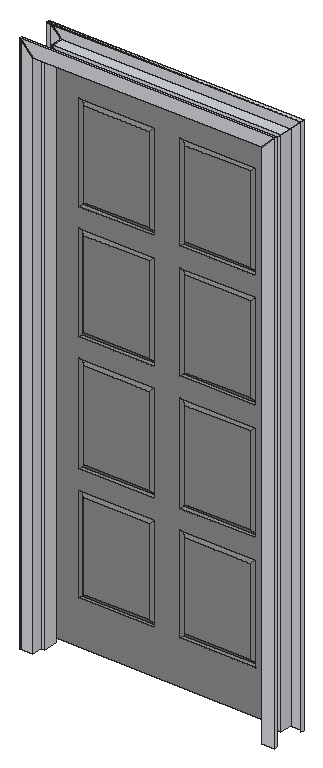
Revit family "Ext-Embossed-Door-MDMF-8-Panel-36 x 84", category Doors, host Wall, Revit 2014
Parameters (values of type "Ext-E-MDMF-8-Panel-36" x 84"")
  Width = Door Panel Width  # 3' - 0"
  Wall Thickness [instance] = 0' - 5 3/4"
  URL = ""
  Type Comments = "EXT,"
  Thickness = 0' - 1 3/4"
  Swing Angle [instance] = 90.00°
  SDI RO Spacing = 0' - 0"
  SDI Panel 1 Width = Leaf Width + 0' 0 3/16"  # 3' - 0"
  SDI No Panels = ""
  SDI HW Set [instance] = ""
  SDI HW Item LO-2 [instance] = ""
  SDI HW Item LO-1 [instance] = ""
  SDI HW Item KP-2 [instance] = ""
  SDI HW Item KP-1 [instance] = ""
  SDI HW Item HI-2 [instance] = ""
  SDI HW Item HI-1 [instance] = ""
  SDI HW Item HC-2 [instance] = ""
  SDI HW Item HC-1 [instance] = ""
  SDI HW Item ED-2 [instance] = ""
  SDI HW Item ED-1 [instance] = ""
  SDI HW Item DO-2 [instance] = ""
  SDI HW Item DO-1 [instance] = ""
  SDI HW Item CL-2 [instance] = ""
  SDI HW Item CL-1 [instance] = ""
  SDI Glass Material = Glass
  SDI Frame Type = "3 Piece"
  SDI Frame Material Type = "Hollow Metal"
  SDI Frame Material = Paint - Generic - Prime
  SDI Frame Manufacturer = ""
  SDI Frame Jamb Width = 0' - 2"
  SDI Frame Head Width = 0' - 2"
  SDI Frame Finish Type = "Painted"
  SDI Frame Finish Color = "Prime"
  SDI Frame Depth [instance] = 0' - 5 3/4"
  SDI Family Version = "1.0"
  SDI Door Top Rail Width = 0' - 7 3/4"
  SDI Door Stile Width = 0' - 6"
  SDI Door Panel Type = "N"
  SDI Door Material Type = "Hollow Metal"
  SDI Door Material = Paint - Generic - Prime
  SDI Door Manufacturer = ""
  SDI Door Glass Type = "1/4\" Tempered"
  SDI Door Finish Type = "Painted"
  SDI Door Finish Color = "Prime"
  SDI Door Configuration = "SG"
  SDI Door Bottom Rail Width = 5' - 0"
  SDI Arch Frame Type [instance] = ""
  SDI Arch Frame Material Type [instance] = "HM"
  SDI Arch Door Panel Type [instance] = "N"
  SDI Arch Door Material Type [instance] = "HM"
  Rough Width = Frame Width - 0' 0" + 2 * SDI RO Spacing  # 3' - 4"
  Rough Height = Frame Height - 0' 0" + SDI RO Spacing  # 7' - 2"
  R1 Height = 7' - 0"
  P1 Width = 3' - 2"
  Model = "Ext-E-MDMF-8-Panel-36\" x 84\""
  Manufacturer = ""
  Leaf Width = P1 Width - 0' 2 3/16"  # 2' - 11 13/16"
  Height = Door Panel Height  # 7' - 0"
  Glass Offset [instance] = 0' 2 1/16" + (SDI Frame Depth - 0' 5 3/4") / 2  # 0' - 2 1/16"
  Function = Exterior
  Frame Width = P1 Width + 0' 2"  # 3' - 4"
  Frame Offset [instance] = if(Aligned Exterior, SDI Frame Depth / 2, if(Aligned Center, Wall Thickness / 2, if(Aligned Interior, Wall Thickness - SDI Frame Depth + SDI Frame Depth / 2, Aligned Other)))  # 0' - 2 7/8"
  Frame Height = R1 Height + 0' 2"  # 7' - 2"
  Fire Rating = ""
  Exterior Glazing [instance] = no
  Door Panel Width = P1 Width - 0' 2"  # 3' - 0"
  Door Panel Height = R1 Height + 0' 2" - (0' 2")  # 7' - 0"
  Door Offset [instance] = 0' 2 13/16" + (SDI Frame Depth - 0' 5 3/4") / 2  # 0' - 2 13/16"
  Description = "Hollow Metal Door with Hollow Metal Frame 8 Panel"
  Cost = 0
  Assembly Code = "B2030120"
  Analytic Construction = "<None>"
  Aligned Other [instance] = 0' - 0"
  Aligned Interior [instance] = no
  Aligned Exterior [instance] = yes
  Aligned Center [instance] = no
  ADA Clearance Lines = no
Reference planes (in)
  plane 1: y = 0
  plane 2 "Center (Left/Right)": x = 0
  plane 3 "Wall Edge": y = 2.875
  plane 4 "Wall Interior": y = -2.875
  plane 5 "ModelRefLevel": z = 0
  plane 6 "FrameDepthPlane": y = 0
  plane 7 "FrameFront": y = 2.875
  plane 8 "FrameBack": y = -2.875
  plane 9 "V0": x = 19
  plane 10 "V1": x = -19
  plane 11 "H0": z = 1
  plane 12 "H1": z = 85
  plane 13 "DoorLeft": x = 18
  plane 14 "DoorRight": x = -18
  plane 15 "DoorCenter": x = 0
  plane 16 "DoorTop": z = 83.875
  plane 17 "DoorCenterTB": z = 41.9375
  plane 18 "DoorExtFace": y = 2.8125
  plane 19 "DoorGlassFace": y = 2.0625
  plane 20 "LockCenterLine": z = 32.5625
  plane 21 "DoorExtFace1": y = 2.0625
  plane 22 "GlassRight1": x = -11.90625
  plane 23 "ActDoorLeft": x = 17.90625
  plane 24 "SwingClrPlane": y = 62.875
  plane 25 "SwingPartialPlane": y = 50.875
  plane 26: x = -7.90625
  plane 27: x = -11.90625
  plane 28: z = 76.125
  plane 29: z = 51.125
  plane 30: z = 78
  plane 31: z = 39
  plane 32: x = 13.90625
  plane 33: x = -13.90625
  plane 34: x = 2
  plane 35: x = -2
  plane 36: z = 7.5
  plane 37: z = 59.725
  plane 38: z = 41.35
  plane 39: z = 22.725
  plane 40: z = 62.725
  plane 41: z = 44.35
  plane 42: z = 25.725
  plane 43: z = 60.375
  plane 44: z = 42.75
  plane 45: z = 25.125
Forms (in)
  Extrusion 1, solid
    sketch origin (138.6875, 0, 43) x (-1, 0, 0) y (0, -1, 0)
      loop
        line (118.6875, -2.375) -> (118.6875, -2.875) -> (120.6875, -2.875) -> (120.6875, -0.9375) -> (121.3125, -0.9375) -> (121.3125, 1.3125) -> (120.6875, 1.3125) -> (120.6875, 2.875) -> (118.6875, 2.875) -> (118.6875, 2.4375) -> (118.75, 2.4375) -> (118.75, 2.8125) -> (120.625, 2.8125) -> (120.625, 1.25) -> (121.25, 1.25) -> (121.25, -0.875) -> (120.625, -0.875) -> (120.625, -2.8125) -> (118.75, -2.8125) -> (118.75, -2.375) -> (118.6875, -2.375)
    from -43 to 43
  Extrusion 2, void
    sketch origin (0, 2.875, 0) x (1, 0, 0) y (0, 0, 1)
      loop
        line (20, 86) -> (17.375, 86) -> (17.375, 83.375) -> (20, 86)
    from -12 to 12
  Extrusion 3, solid
    sketch origin (101.3125, 0, 43) x (-1, 0, 0) y (0, -1, 0)
      loop
        line (121.25, -2.375) -> (121.25, -2.8125) -> (119.375, -2.8125) -> (119.375, -0.875) -> (118.75, -0.875) -> (118.75, 1.25) -> (119.375, 1.25) -> (119.375, 2.8125) -> (121.25, 2.8125) -> (121.25, 2.4375) -> (121.3125, 2.4375) -> (121.3125, 2.875) -> (119.3125, 2.875) -> (119.3125, 1.3125) -> (118.6875, 1.3125) -> (118.6875, -0.9375) -> (119.3125, -0.9375) -> (119.3125, -2.875) -> (121.3125, -2.875) -> (121.3125, -2.375) -> (121.25, -2.375)
    from -43 to 43
  Extrusion 4, void
    sketch origin (0, 2.875, 0) x (1, 0, 0) y (0, 0, 1)
      loop
        line (-20, 86) -> (-17.375, 83.375) -> (-17.375, 86) -> (-20, 86)
    from -12 to 12
  Extrusion 5, solid
    sketch origin (0, 0, 84.6875) x (0, 1, 0) y (0, 0, 1)
      loop
        line (2.375, 1.25) -> (2.8125, 1.25) -> (2.8125, -0.625) -> (0.875, -0.625) -> (0.875, -1.25) -> (-1.25, -1.25) -> (-1.25, -0.625) -> (-2.8125, -0.625) -> (-2.8125, 1.25) -> (-2.4375, 1.25) -> (-2.4375, 1.3125) -> (-2.875, 1.3125) -> (-2.875, -0.6875) -> (-1.3125, -0.6875) -> (-1.3125, -1.3125) -> (0.9375, -1.3125) -> (0.9375, -0.6875) -> (2.875, -0.6875) -> (2.875, 1.3125) -> (2.375, 1.3125) -> (2.375, 1.25)
    from -20 to 20
  Extrusion 6, void
    sketch origin (0, 2.875, 0) x (1, 0, 0) y (0, 0, 1)
      loop
        line (-20, 86) -> (-20, 83.375) -> (-17.375, 83.375) -> (-20, 86)
    from -12 to 12
  Extrusion 7, void
    sketch origin (0, 2.875, 0) x (1, 0, 0) y (0, 0, 1)
      loop
        line (20, 86) -> (17.375, 83.375) -> (20, 83.375) -> (20, 86)
    from -12 to 12
  Extrusion 8, solid, material "Paint - Generic - Prime" <- "SDI Door Material"
    sketch origin (-60, 2.8125, -12) x (1, 0, 0) y (0, 0, 1)
      loop
        line (77.90625, 12.625) -> (77.90625, 95.875) -> (42.09375, 95.875) -> (42.09375, 12.625) -> (77.90625, 12.625)
    from 0 to 1.75
  Sweep 9, void
    path origin (0, 2.875, 0) x (1, 0, 0) y (0, 0, 1)
      loop
        line (13.90625, 59.725) -> (2, 59.725) -> (2, 44.35) -> (13.90625, 44.35) -> (13.90625, 59.725)
    profile origin (13.90625, 2.875, 52.0375) x (0, -1, 0) y (1, 0, 0)
      loop
        line (0, 0) -> (0, -0.92134) -> (0.5, -0.23315) -> (0, 0)
      loop
        line (1.875, 0) -> (1.375, -0.23315) -> (1.875, -0.92134) -> (1.875, 0)
  Sweep 10, void
    path origin (0, 2.875, 0) x (1, 0, 0) y (0, 0, 1)
      loop
        line (13.90625, 22.725) -> (2, 22.725) -> (2, 7.5) -> (13.90625, 7.5) -> (13.90625, 22.725)
    profile origin (13.90625, 2.875, 15.1125) x (0, -1, 0) y (1, 0, 0)
      loop
        line (0, 0) -> (0, -0.92134) -> (0.5, -0.23315) -> (0, 0)
      loop
        line (1.875, 0) -> (1.375, -0.23315) -> (1.875, -0.92134) -> (1.875, 0)
  Sweep 11, void
    path origin (0, 2.875, 0) x (1, 0, 0) y (0, 0, 1)
      loop
        line (-2, 59.725) -> (-13.90625, 59.725) -> (-13.90625, 44.35) -> (-2, 44.35) -> (-2, 59.725)
    profile origin (-2, 2.875, 52.0375) x (0, -1, 0) y (1, 0, 0)
      loop
        line (0.0625, -0.80529) -> (0.5, -0.20312) -> (0.0625, -0.00088) -> (0.0625, -0.80529)
      loop
        line (1.8143, -0.80529) -> (1.8143, -0.00088) -> (1.3768, -0.20312) -> (1.8143, -0.80529)
  Sweep 12, void
    path origin (0, 2.875, 0) x (1, 0, 0) y (0, 0, 1)
      loop
        line (-2, 22.725) -> (-13.90625, 22.725) -> (-13.90625, 7.5) -> (-2, 7.5) -> (-2, 22.725)
    profile origin (-2, 2.875, 15.1125) x (0, -1, 0) y (1, 0, 0)
      loop
        line (0.0625, -0.00088) -> (0.0625, -0.80529) -> (0.5, -0.20312) -> (0.0625, -0.00088)
      loop
        line (1.8143, -0.00088) -> (1.3768, -0.20312) -> (1.8143, -0.80529) -> (1.8143, -0.00088)
  Sweep 13, void
    path origin (0, 2.875, 0) x (1, 0, 0) y (0, 0, 1)
      loop
        line (13.90625, 41.35) -> (2, 41.35) -> (2, 25.725) -> (13.90625, 25.725) -> (13.90625, 41.35)
    profile origin (13.90625, 2.875, 33.5375) x (0, -1, 0) y (1, 0, 0)
      loop
        line (0.0625, -0.02914) -> (0.0625, -0.83532) -> (0.5, -0.23315) -> (0.0625, -0.02914)
      loop
        line (1.8125, -0.02914) -> (1.375, -0.23315) -> (1.8125, -0.83532) -> (1.8125, -0.02914)
  Sweep 14, void
    path origin (0, 2.875, 0) x (1, 0, 0) y (0, 0, 1)
      loop
        line (-2, 41.35) -> (-13.90625, 41.35) -> (-13.90625, 25.725) -> (-2, 25.725) -> (-2, 41.35)
    profile origin (-2, 2.875, 33.5375) x (0, -1, 0) y (1, 0, 0)
      loop
        line (0.5, -0.20313) -> (0.0625, -0.00088) -> (0.0625, -0.80529) -> (0.5, -0.20313)
      loop
        line (1.8125, -0.80529) -> (1.8125, -0.00172) -> (1.37545, -0.20375) -> (1.8125, -0.80529)
  Sweep 15, void
    path origin (0, 2.875, 0) x (1, 0, 0) y (0, 0, 1)
      loop
        line (13.90625, 78) -> (2, 78) -> (2, 62.725) -> (13.90625, 62.725) -> (13.90625, 78)
    profile origin (13.90625, 2.875, 70.3625) x (0, -1, 0) y (1, 0, 0)
      loop
        line (0.5, -0.23315) -> (0.0625, -0.02914) -> (0.0625, -0.83532) -> (0.5, -0.23315)
      loop
        line (1.375, -0.23315) -> (1.8125, -0.83532) -> (1.8125, -0.02914) -> (1.375, -0.23315)
  Sweep 16, void
    path origin (0, 2.875, 0) x (1, 0, 0) y (0, 0, 1)
      loop
        line (-2, 78) -> (-13.90625, 78) -> (-13.90625, 62.725) -> (-2, 62.725) -> (-2, 78)
    profile origin (-2, 2.875, 70.3625) x (0, -1, 0) y (1, 0, 0)
      loop
        line (0.5, -0.20313) -> (0.0625, -0.00088) -> (0.0625, -0.80529) -> (0.5, -0.20313)
      loop
        line (1.37545, -0.20375) -> (1.8125, -0.80529) -> (1.8125, -0.00172) -> (1.37545, -0.20375)
Cuts and joins
  Extrusion 2 cuts Extrusion 1
  Extrusion 4 cuts Extrusion 3
  Extrusion 6, Extrusion 7 cuts Extrusion 5
  Sweep 9, Sweep 10, Sweep 11, Sweep 12, Sweep 13, Sweep 14, Sweep 15, Sweep 16 cuts Extrusion 8
Lines and regions (in)
  Opening 1
    outline origin (-60, -2.875, 0) x (1, 0, 0) y (0, 0, 1)
      loop
        line (80, 0) -> (80, 86) -> (40, 86) -> (40, 0) -> (80, 0)
  symbolic lines, style "DoorsFrameMullionProjection", detail levels fine
    curve 1: line (20, 2.375, 0) -> (20, 2.875, 0)
    curve 2: line (20, 2.875, 0) -> (18, 2.875, 0)
    curve 3: line (18, 2.875, 0) -> (18, 0.9375, 0)
    curve 4: line (18, 0.9375, 0) -> (17.375, 0.9375, 0)
    curve 5: line (17.375, 0.9375, 0) -> (17.375, -1.3125, 0)
    curve 6: line (17.375, -1.3125, 0) -> (18, -1.3125, 0)
    curve 7: line (18, -1.3125, 0) -> (18, -2.875, 0)
    curve 8: line (18, -2.875, 0) -> (20, -2.875, 0)
    curve 9: line (20, -2.875, 0) -> (20, -2.4375, 0)
    curve 10: line (20, -2.4375, 0) -> (19.9375, -2.4375, 0)
    curve 11: line (19.9375, -2.4375, 0) -> (19.9375, -2.8125, 0)
    curve 12: line (19.9375, -2.8125, 0) -> (18.0625, -2.8125, 0)
    curve 13: line (18.0625, -2.8125, 0) -> (18.0625, -1.25, 0)
    curve 14: line (18.0625, -1.25, 0) -> (17.4375, -1.25, 0)
    curve 15: line (17.4375, -1.25, 0) -> (17.4375, 0.875, 0)
    curve 16: line (17.4375, 0.875, 0) -> (18.0625, 0.875, 0)
    curve 17: line (18.0625, 0.875, 0) -> (18.0625, 2.8125, 0)
    curve 18: line (18.0625, 2.8125, 0) -> (19.9375, 2.8125, 0)
    curve 19: line (19.9375, 2.8125, 0) -> (19.9375, 2.375, 0)
    curve 20: line (19.9375, 2.375, 0) -> (20, 2.375, 0)
    curve 25: line (-19.9375, 2.375, 0) -> (-19.9375, 2.8125, 0)
    curve 26: line (-19.9375, 2.8125, 0) -> (-18.0625, 2.8125, 0)
    curve 27: line (-18.0625, 2.8125, 0) -> (-18.0625, 0.875, 0)
    curve 28: line (-18.0625, 0.875, 0) -> (-17.4375, 0.875, 0)
    curve 29: line (-17.4375, 0.875, 0) -> (-17.4375, -1.25, 0)
    curve 30: line (-17.4375, -1.25, 0) -> (-18.0625, -1.25, 0)
    curve 31: line (-18.0625, -1.25, 0) -> (-18.0625, -2.8125, 0)
    curve 32: line (-18.0625, -2.8125, 0) -> (-19.9375, -2.8125, 0)
    curve 33: line (-19.9375, -2.8125, 0) -> (-19.9375, -2.4375, 0)
    curve 34: line (-19.9375, -2.4375, 0) -> (-20, -2.4375, 0)
    curve 35: line (-20, -2.4375, 0) -> (-20, -2.875, 0)
    curve 36: line (-20, -2.875, 0) -> (-18, -2.875, 0)
    curve 37: line (-18, -2.875, 0) -> (-18, -1.3125, 0)
    curve 38: line (-18, -1.3125, 0) -> (-17.375, -1.3125, 0)
    curve 39: line (-17.375, -1.3125, 0) -> (-17.375, 0.9375, 0)
    curve 40: line (-17.375, 0.9375, 0) -> (-18, 0.9375, 0)
    curve 41: line (-18, 0.9375, 0) -> (-18, 2.875, 0)
    curve 42: line (-18, 2.875, 0) -> (-20, 2.875, 0)
    curve 43: line (-20, 2.875, 0) -> (-20, 2.375, 0)
    curve 44: line (-20, 2.375, 0) -> (-19.9375, 2.375, 0)
  symbolic lines, style "DoorsFrameMullionProjection", detail levels coarse+medium
    curve 21: line (18, -2.875, 0) -> (20, -2.875, 0)
    curve 22: line (18, 2.875, 0) -> (20, 2.875, 0)
    curve 23: line (18, -2.875, 0) -> (18, 2.875, 0)
    curve 24: line (20, -2.875, 0) -> (20, 2.875, 0)
    curve 45: line (-20, -2.875, 0) -> (-18, -2.875, 0)
    curve 46: line (-20, 2.875, 0) -> (-18, 2.875, 0)
    curve 47: line (-20, -2.875, 0) -> (-20, 2.875, 0)
    curve 48: line (-18, -2.875, 0) -> (-18, 2.875, 0)
  symbolic lines, style "Elevation Swing"
    curve 49: line (-17.90625, 2.875, 83.875) -> (17.90625, 2.875, 41.9375)
    curve 50: line (-17.90625, 2.875, 0) -> (17.90625, 2.875, 41.9375)
  symbolic lines, style "ADA Clearance", visible <- "ADA Clearance Lines"
    curve 51: line (20, 2.875, 0) -> (20, 62.875, 0)
    curve 52: line (-36, 62.875, 0) -> (20, 62.875, 0)
    curve 53: line (-36, 50.875, 0) -> (20, 50.875, 0)
    curve 54: line (-36, 2.875, 0) -> (-36, 62.875, 0)
    curve 55: line (20, -2.875, 0) -> (20, -50.875, 0)
    curve 56: line (-30, -50.875, 0) -> (20, -50.875, 0)
    curve 57: line (-30, -2.875, 0) -> (-30, -50.875, 0)
Text (in)
  text "Placement Side" at (0, 40.15149, 123.01588), in view "Right"
  text "Placement Side" at (-70.3804, 28.46503, 0), in view "Ref. Level"
  text "Placement Side" at (0, 81.62555, 140.59947), in view "Left"
Dimensions and locks (in)
  locked: plane 3 "Wall Edge" to host wall
  equal spacing: host wall, plane 2 "Center (Left/Right)", host wall
  "Rough Width": host wall to host wall
  "Rough Height": level to host wall
  equal spacing: plane 3 "Wall Edge", plane 1, plane 4 "Wall Interior"
  "Wall Thickness": host wall to host wall
  "Frame Offset": plane 3 "Wall Edge" to plane 6 "FrameDepthPlane"
  equal spacing: plane 7 "FrameFront", plane 6 "FrameDepthPlane", plane 8 "FrameBack"
  "SDI Frame Depth": plane 7 "FrameFront" to plane 8 "FrameBack"
  equal spacing: plane 9 "V0", plane 2 "Center (Left/Right)", plane 10 "V1"
  "P1 Width": plane 9 "V0" to plane 10 "V1"
  "R1 Height": plane 11 "H0" to plane 12 "H1"
  locked: plane 12 "H1" to Extrusion 1 at 1
  locked: plane 11 "H0" to Extrusion 1 at 1
  locked: plane 9 "V0" to Extrusion 1 at 1  (x4)
  locked: plane 9 "V0" to Extrusion 1 at 0.9375  (x5)
  locked: plane 9 "V0" to Extrusion 1 at 1.5625
  locked: plane 9 "V0" to Extrusion 1 at 1.625
  locked: plane 12 "H1" to Extrusion 3 at 1
  locked: plane 11 "H0" to Extrusion 3 at 1
  locked: plane 10 "V1" to Extrusion 3 at 0.9375  (x4)
  locked: plane 10 "V1" to Extrusion 3 at 1  (x5)
  locked: plane 10 "V1" to Extrusion 3 at 1.625
  locked: plane 10 "V1" to Extrusion 3 at 1.5625
  locked: plane 9 "V0" to Extrusion 5 at 1
  locked: plane 10 "V1" to Extrusion 5 at 1
  locked: plane 12 "H1" to Extrusion 5 at 0.9375  (x5)
  locked: plane 12 "H1" to Extrusion 5 at 1.5625
  locked: plane 12 "H1" to Extrusion 5 at 1  (x4)
  locked: plane 12 "H1" to Extrusion 5 at 1.625
  locked: plane 7 "FrameFront" to cut or joined group of Extrusion 1, Extrusion 2 at 1.9375
  locked: plane 7 "FrameFront" to cut or joined group of Extrusion 1, Extrusion 2 at 2
  locked: plane 7 "FrameFront" to cut or joined group of Extrusion 1, Extrusion 2 at 0.0625
  locked: plane 7 "FrameFront" to cut or joined group of Extrusion 1, Extrusion 2 at 0.5
  locked: plane 8 "FrameBack" to cut or joined group of Extrusion 1, Extrusion 2 at 1.5625
  locked: plane 8 "FrameBack" to cut or joined group of Extrusion 1, Extrusion 2 at 0.4375
  locked: plane 8 "FrameBack" to cut or joined group of Extrusion 1, Extrusion 2 at 0.0625
  locked: plane 8 "FrameBack" to cut or joined group of Extrusion 1, Extrusion 2 at 1.625
  locked: plane 7 "FrameFront" to cut or joined group of Extrusion 3, Extrusion 4 at 0.0625
  locked: plane 7 "FrameFront" to cut or joined group of Extrusion 3, Extrusion 4 at 2
  locked: plane 7 "FrameFront" to cut or joined group of Extrusion 3, Extrusion 4 at 1.9375
  locked: plane 7 "FrameFront" to cut or joined group of Extrusion 3, Extrusion 4 at 0.5
  locked: plane 8 "FrameBack" to cut or joined group of Extrusion 3, Extrusion 4 at 1.625
  locked: plane 8 "FrameBack" to cut or joined group of Extrusion 3, Extrusion 4 at 0.0625
  locked: plane 8 "FrameBack" to cut or joined group of Extrusion 3, Extrusion 4 at 0.4375
  locked: plane 8 "FrameBack" to cut or joined group of Extrusion 3, Extrusion 4 at 1.5625
  locked: plane 7 "FrameFront" to cut or joined group of Extrusion 5, Extrusion 6, Extrusion 7 at 0.0625
  locked: plane 7 "FrameFront" to cut or joined group of Extrusion 5, Extrusion 6, Extrusion 7 at 2
  locked: plane 7 "FrameFront" to cut or joined group of Extrusion 5, Extrusion 6, Extrusion 7 at 1.9375
  locked: plane 7 "FrameFront" to cut or joined group of Extrusion 5, Extrusion 6, Extrusion 7 at 0.5
  locked: plane 8 "FrameBack" to cut or joined group of Extrusion 5, Extrusion 6, Extrusion 7 at 1.625
  locked: plane 8 "FrameBack" to cut or joined group of Extrusion 5, Extrusion 6, Extrusion 7 at 0.0625
  locked: plane 8 "FrameBack" to cut or joined group of Extrusion 5, Extrusion 6, Extrusion 7 at 0.4375
  locked: plane 8 "FrameBack" to cut or joined group of Extrusion 5, Extrusion 6, Extrusion 7 at 1.5625
  locked: plane 7 "FrameFront" to curve 4 at 1.9375
  locked: plane 7 "FrameFront" to curve 16 at 2
  locked: plane 7 "FrameFront" to curve 18 at 0.0625
  locked: plane 7 "FrameFront" to curve 20 at 0.5
  locked: plane 7 "FrameFront" to curve 26 at 0.0625
  locked: plane 7 "FrameFront" to curve 28 at 2
  locked: plane 7 "FrameFront" to curve 40 at 1.9375
  locked: plane 7 "FrameFront" to curve 44 at 0.5
  locked: plane 8 "FrameBack" to curve 6 at 1.5625
  locked: plane 8 "FrameBack" to curve 10 at 0.4375
  locked: plane 8 "FrameBack" to curve 12 at 0.0625
  locked: plane 8 "FrameBack" to curve 14 at 1.625
  locked: plane 8 "FrameBack" to curve 30 at 1.625
  locked: plane 8 "FrameBack" to curve 32 at 0.0625
  locked: plane 8 "FrameBack" to curve 34 at 0.4375
  locked: plane 8 "FrameBack" to curve 38 at 1.5625
  locked: plane 9 "V0" to plane 13 "DoorLeft" at 1
  locked: plane 10 "V1" to plane 14 "DoorRight" at 1
  locked: plane 12 "H1" to plane 16 "DoorTop" at 1.125
  equal spacing: plane 16 "DoorTop", plane 17 "DoorCenterTB", plane 5 "ModelRefLevel"
  "Door Offset": plane 6 "FrameDepthPlane" to plane 18 "DoorExtFace"
  "Glass Offset": plane 6 "FrameDepthPlane" to plane 19 "DoorGlassFace"
  plane 20 "LockCenterLine" to plane 5 "ModelRefLevel" = 2' - 8 9/16"
  locked: Extrusion 8 to Extrusion 8 at 1.75
  locked: plane 6 "FrameDepthPlane" to plane 21 "DoorExtFace1" at 2.0625
  locked: plane 14 "DoorRight" to plane 22 "GlassRight1" at 6.09375
  locked: plane 13 "DoorLeft" to Extrusion 8 at 0.09375
  locked: plane 14 "DoorRight" to Extrusion 8 at 0.09375
  locked: plane 5 "ModelRefLevel" to Extrusion 8 at 0.625
  locked: plane 13 "DoorLeft" to plane 23 "ActDoorLeft" at 0.09375
  locked: plane 3 "Wall Edge" to plane 24 "SwingClrPlane" at 60
  locked: plane 3 "Wall Edge" to plane 25 "SwingPartialPlane" at 48
  locked: plane 27 to plane 14 "DoorRight" at 6.09375
  plane 26 to plane 27 = 0' - 4"
  locked: plane 29 to plane 28 at 25
  locked: plane 28 to plane 12 "H1" at 8.875
  locked: plane 30 to plane 12 "H1" at 7
  locked: plane 23 "ActDoorLeft" to plane 32 at 4
  locked: plane 33 to plane 14 "DoorRight" at 4.09375
  locked: plane 15 "DoorCenter" to plane 34 at 2
  locked: plane 15 "DoorCenter" to plane 35 at 2
  locked: plane 11 "H0" to plane 36 at 6.5
  locked: plane 37 to plane 40 at 3
  locked: plane 38 to plane 41 at 3
  locked: plane 39 to plane 42 at 3
  equal spacing: plane 36, plane 45, plane 44, plane 43, plane 30
  locked: plane 37 to plane 43 at 0.65
  locked: plane 38 to plane 44 at 1.4
  locked: plane 39 to plane 45 at 2.4
  aligned and locked: plane 4 "Wall Interior" to host wall
  aligned and locked: cut or joined group of Extrusion 1, Extrusion 2 to plane 7 "FrameFront"
  aligned and locked: plane 8 "FrameBack" to cut or joined group of Extrusion 1, Extrusion 2
  aligned and locked: cut or joined group of Extrusion 3, Extrusion 4 to plane 7 "FrameFront"
  aligned and locked: plane 8 "FrameBack" to cut or joined group of Extrusion 3, Extrusion 4
  aligned and locked: cut or joined group of Extrusion 5, Extrusion 6, Extrusion 7 to plane 7 "FrameFront"
  aligned and locked: plane 8 "FrameBack" to cut or joined group of Extrusion 5, Extrusion 6, Extrusion 7
  aligned and locked: curve 2 to plane 7 "FrameFront"
  aligned and locked: plane 7 "FrameFront" to curve 22
  aligned and locked: curve 42 to plane 7 "FrameFront"
  aligned and locked: plane 7 "FrameFront" to curve 46
  aligned and locked: plane 8 "FrameBack" to curve 8
  aligned and locked: plane 8 "FrameBack" to curve 36
  aligned and locked: Extrusion 8 to plane 18 "DoorExtFace"
  aligned and locked: Extrusion 8 to plane 16 "DoorTop"
  aligned and locked: plane 7 "FrameFront" to nested 1
  aligned and locked: plane 23 "ActDoorLeft" to nested 1
  aligned and locked: plane 24 "SwingClrPlane" to curve 52
  aligned and locked: plane 25 "SwingPartialPlane" to curve 53
  aligned and locked: Sweep 9 sketch curve to plane 32
  aligned and locked: Sweep 10 sketch curve to plane 32
  aligned and locked: Sweep 9 sketch curve to plane 34
  aligned and locked: Sweep 10 sketch curve to plane 34
  aligned and locked: plane 35 to Sweep 11 sketch curve
  aligned and locked: plane 33 to Sweep 11 sketch curve
  aligned and locked: plane 35 to Sweep 12 sketch curve
  aligned and locked: plane 33 to Sweep 12 sketch curve
  aligned and locked: plane 32 to Sweep 13 sketch curve
  aligned and locked: plane 34 to Sweep 13 sketch curve
  aligned and locked: plane 35 to Sweep 14 sketch curve
  aligned and locked: plane 33 to Sweep 14 sketch curve
  aligned and locked: Sweep 10 sketch curve to plane 39
  aligned and locked: Sweep 12 sketch curve to plane 39
  aligned and locked: Sweep 13 sketch curve to plane 42
  aligned and locked: Sweep 13 sketch curve to plane 38
  aligned and locked: Sweep 14 sketch curve to plane 42
  aligned and locked: Sweep 14 sketch curve to plane 38
  aligned and locked: Sweep 9 sketch curve to plane 41
  aligned and locked: Sweep 9 sketch curve to plane 37
  aligned and locked: Sweep 11 sketch curve to plane 41
  aligned and locked: Sweep 11 sketch curve to plane 37
  aligned and locked: plane 32 to Sweep 15 sketch curve
  aligned and locked: plane 34 to Sweep 15 sketch curve
  aligned and locked: plane 30 to Sweep 15 sketch curve
  aligned and locked: plane 40 to Sweep 15 sketch curve
  aligned and locked: plane 35 to Sweep 16 sketch curve
  aligned and locked: plane 33 to Sweep 16 sketch curve
  aligned and locked: plane 30 to Sweep 16 sketch curve
  aligned and locked: plane 40 to Sweep 16 sketch curve
  aligned and locked: Sweep 10 sketch curve to plane 36
  aligned and locked: Sweep 12 sketch curve to plane 36
Automatic sketch dimensions
  Opening 1 sketch curve to level = 0' - 0"
  Opening 1 sketch curve to plane 2 "Center (Left/Right)" = 1' - 8"
  plane 2 "Center (Left/Right)" to Opening 1 sketch curve = 1' - 8"
  level to Opening 1 sketch curve = 7' - 2"
  Extrusion 2 sketch curve to plane 9 "V0" = 0' - 1 5/8"
  plane 9 "V0" to Extrusion 2 sketch curve = 0' - 1"
  plane 12 "H1" to Extrusion 2 sketch curve = 0' - 1 5/8"
  Extrusion 2 sketch curve to plane 12 "H1" = 0' - 1"
  Extrusion 1 sketch curve to host wall = 0' - 0"
  host wall to Extrusion 1 sketch curve = 0' - 0"
  Extrusion 1 sketch curve to host wall = 0' - 0 1/2"
  plane 2 "Center (Left/Right)" to Extrusion 1 sketch curve = 1' - 8"  (x2)
  Extrusion 1 sketch curve to host wall = 0' - 0 7/16"
  Extrusion 1 sketch curve to Extrusion 1 sketch curve = 0' - 0 1/16"  (x7)
  plane 2 "Center (Left/Right)" to Extrusion 1 sketch curve = 1' - 6 1/16"  (x2)
  Extrusion 1 sketch curve to host wall = 0' - 0 1/16"  (x2)
  Extrusion 1 sketch curve to Extrusion 1 sketch curve = 0' - 0 9/16"
  Extrusion 1 sketch curve to host wall = 0' - 0 15/16"
  host wall to Extrusion 1 sketch curve = 0' - 1 1/4"
  plane 9 "V0" to curve 1 = 0' - 1"
  curve 6 to curve 5 = 0' - 0 5/8"
  curve 7 to plane 9 "V0" = 0' - 1"
  curve 9 to curve 10 = 0' - 0 1/16"
  curve 12 to curve 7 = 0' - 0 1/16"
  curve 14 to curve 5 = 0' - 0 1/16"
  curve 16 to curve 3 = 0' - 0 1/16"
  curve 1 to curve 18 = 0' - 0 1/16"
  Extrusion 4 sketch curve to plane 10 "V1" = 0' - 1"
  plane 10 "V1" to Extrusion 4 sketch curve = 0' - 1 5/8"
  plane 12 "H1" to Extrusion 4 sketch curve = 0' - 1 5/8"
  Extrusion 4 sketch curve to plane 12 "H1" = 0' - 1"
  host wall to Extrusion 3 sketch curve = 0' - 0"
  Extrusion 3 sketch curve to host wall = 0' - 0"
  Extrusion 3 sketch curve to plane 2 "Center (Left/Right)" = 1' - 5 3/8"
  Extrusion 3 sketch curve to Extrusion 3 sketch curve = 0' - 0 1/16"  (x7)
  Extrusion 3 sketch curve to Extrusion 3 sketch curve = 0' - 0 9/16"  (x2)
  Extrusion 3 sketch curve to host wall = 0' - 0 7/16"
  Extrusion 3 sketch curve to plane 2 "Center (Left/Right)" = 1' - 7 15/16"  (x2)
  Extrusion 3 sketch curve to host wall = 0' - 0 1/2"
  Extrusion 3 sketch curve to host wall = 0' - 0 1/16"  (x2)
  Extrusion 3 sketch curve to host wall = 0' - 0 15/16"
  host wall to Extrusion 3 sketch curve = 0' - 1 1/4"
  plane 10 "V1" to curve 26 = 0' - 0 15/16"
  curve 29 to curve 30 = 0' - 0 5/8"
  curve 32 to plane 10 "V1" = 0' - 0 15/16"
  curve 33 to curve 34 = 0' - 0 1/16"
  curve 36 to curve 31 = 0' - 0 1/16"
  curve 38 to curve 29 = 0' - 0 1/16"
  curve 40 to curve 27 = 0' - 0 1/16"
  curve 25 to curve 42 = 0' - 0 1/16"
  Extrusion 6 sketch curve to plane 10 "V1" = 0' - 1"
  plane 10 "V1" to Extrusion 6 sketch curve = 0' - 1 5/8"
  plane 12 "H1" to Extrusion 6 sketch curve = 0' - 1 5/8"
  Extrusion 6 sketch curve to plane 12 "H1" = 0' - 1"
  Extrusion 7 sketch curve to plane 9 "V0" = 0' - 1 5/8"
  plane 9 "V0" to Extrusion 7 sketch curve = 0' - 1"
  plane 12 "H1" to Extrusion 7 sketch curve = 0' - 1 5/8"
  Extrusion 7 sketch curve to plane 12 "H1" = 0' - 1"
  Extrusion 5 sketch curve to host wall = 0' - 0"  (x2)
  Extrusion 5 sketch curve to host wall = 0' - 0 1/16"  (x2)
  Extrusion 5 sketch curve to Extrusion 5 sketch curve = 0' - 0 3/8"
  host wall to Extrusion 5 sketch curve = 0' - 1 5/16"
  Extrusion 5 sketch curve to Extrusion 5 sketch curve = 0' - 0 1/16"  (x7)
  Extrusion 5 sketch curve to host wall = 0' - 0 7/8"
  Extrusion 5 sketch curve to host wall = 0' - 0 1/2"
  level to Extrusion 5 sketch curve = 6' - 11 3/8"
  Extrusion 5 sketch curve to Extrusion 5 sketch curve = 0' - 0 9/16"  (x2)
  Extrusion 5 sketch curve to plane 11 "H0" = 7' - 0 15/16"  (x2)
  Extrusion 8 sketch curve to plane 16 "DoorTop" = 0' - 0"
  plane 14 "DoorRight" to Extrusion 8 sketch curve = 0' - 0 3/32"
  Extrusion 8 sketch curve to plane 13 "DoorLeft" = 0' - 0 3/32"
  plane 11 "H0" to Extrusion 8 sketch curve = 0' - 0 3/8"
  curve 49 to plane 16 "DoorTop" = 0' - 0"
  curve 49 to plane 17 "DoorCenterTB" = 0' - 0"
  plane 14 "DoorRight" to curve 49 = 0' - 0 3/32"
  curve 50 to level = 0' - 0"
  curve 50 to plane 23 "ActDoorLeft" = 0' - 0"
  plane 14 "DoorRight" to curve 50 = 0' - 0 3/32"
  curve 51 to host wall = 0' - 0"
  plane 9 "V0" to curve 51 = 0' - 1"
  curve 54 to host wall = 0' - 0"
  host wall to curve 55 = 0' - 0"
  plane 9 "V0" to curve 55 = 0' - 1"
  host wall to curve 55 = 4' - 0"
  curve 56 to plane 10 "V1" = 0' - 11"
  host wall to curve 57 = 0' - 0"
  curve 57 to curve 54 = 0' - 6"
  profile plane to Sweep 9 sketch curve = 0' - 0"
  profile plane to Sweep 9 sketch curve = 0' - 0.23315"  (x2)
  profile plane to Sweep 9 sketch curve = 0' - 0 1/2"
  Sweep 9 sketch curve to Sweep 9 sketch curve = 0' - 0 7/8"
  Sweep 9 sketch curve to Sweep 9 sketch curve = 0' - 0 1/2"
  profile plane to Sweep 9 sketch curve = 0' - 0.92134"  (x2)
  Sweep 9 sketch curve to profile plane = 0' - 0"  (x2)
  profile plane to Sweep 10 sketch curve = 0' - 0"
  profile plane to Sweep 10 sketch curve = 0' - 0.23315"  (x2)
  profile plane to Sweep 10 sketch curve = 0' - 0 1/2"
  Sweep 10 sketch curve to Sweep 10 sketch curve = 0' - 0 7/8"
  Sweep 10 sketch curve to Sweep 10 sketch curve = 0' - 0 1/2"
  profile plane to Sweep 10 sketch curve = 0' - 0.92134"  (x2)
  Sweep 10 sketch curve to profile plane = 0' - 0"  (x2)
  plane 7 "FrameFront" to Sweep 11 sketch curve = 0' - 0 1/16"
  profile plane to Sweep 11 sketch curve = 0' - 0 13/64"  (x2)
  Sweep 11 sketch curve to Sweep 11 sketch curve = 0' - 0 7/16"  (x2)
  Sweep 11 sketch curve to Sweep 11 sketch curve = 0' - 0.8768"
  profile plane to Sweep 11 sketch curve = 0' - 0.80529"
  Sweep 11 sketch curve to Sweep 11 sketch curve = 0' - 0.60217"
  profile plane to Sweep 11 sketch curve = 0' - 0.00088"  (x2)
  profile plane to Sweep 12 sketch curve = 0' - 0.00088"  (x2)
  plane 7 "FrameFront" to Sweep 12 sketch curve = 0' - 0 1/16"
  profile plane to Sweep 12 sketch curve = 0' - 0 13/64"  (x2)
  Sweep 12 sketch curve to Sweep 12 sketch curve = 0' - 0 7/16"  (x2)
  Sweep 12 sketch curve to Sweep 12 sketch curve = 0' - 0.8768"
  Sweep 12 sketch curve to Sweep 12 sketch curve = 0' - 0.60217"
  profile plane to Sweep 12 sketch curve = 0' - 0.80529"
  profile plane to Sweep 13 sketch curve = 0' - 0.02914"  (x2)
  plane 7 "FrameFront" to Sweep 13 sketch curve = 0' - 0 1/16"
  profile plane to Sweep 13 sketch curve = 0' - 0.23315"  (x2)
  Sweep 13 sketch curve to Sweep 13 sketch curve = 0' - 0 7/16"  (x2)
  Sweep 13 sketch curve to Sweep 13 sketch curve = 0' - 0 7/8"
  Sweep 13 sketch curve to Sweep 13 sketch curve = 0' - 0.60217"
  profile plane to Sweep 13 sketch curve = 0' - 0.83532"
  profile plane to Sweep 14 sketch curve = 0' - 0.00088"
  plane 7 "FrameFront" to Sweep 14 sketch curve = 0' - 0 1/16"
  profile plane to Sweep 14 sketch curve = 0' - 0 13/64"
  Sweep 14 sketch curve to Sweep 14 sketch curve = 0' - 0 7/16"
  profile plane to Sweep 14 sketch curve = 0' - 0.20375"
  Sweep 14 sketch curve to Sweep 14 sketch curve = 0' - 0.87545"
  Sweep 14 sketch curve to Sweep 14 sketch curve = 0' - 0.60217"
  Sweep 14 sketch curve to Sweep 14 sketch curve = 0' - 0.43705"
  profile plane to Sweep 14 sketch curve = 0' - 0.80529"
  profile plane to Sweep 14 sketch curve = 0' - 0.00172"
  profile plane to Sweep 15 sketch curve = 0' - 0.02914"  (x2)
  plane 7 "FrameFront" to Sweep 15 sketch curve = 0' - 0 1/16"
  profile plane to Sweep 15 sketch curve = 0' - 0.23315"  (x2)
  Sweep 15 sketch curve to Sweep 15 sketch curve = 0' - 0 7/16"  (x2)
  Sweep 15 sketch curve to Sweep 15 sketch curve = 0' - 1 5/16"
  Sweep 15 sketch curve to Sweep 15 sketch curve = 0' - 0.60217"
  profile plane to Sweep 15 sketch curve = 0' - 0.83532"
  profile plane to Sweep 16 sketch curve = 0' - 0.00088"
  plane 7 "FrameFront" to Sweep 16 sketch curve = 0' - 0 1/16"
  profile plane to Sweep 16 sketch curve = 0' - 0 13/64"
  Sweep 16 sketch curve to Sweep 16 sketch curve = 0' - 0 7/16"
  profile plane to Sweep 16 sketch curve = 0' - 0.00172"
  Sweep 16 sketch curve to Sweep 16 sketch curve = 0' - 1 5/16"
  Sweep 16 sketch curve to Sweep 16 sketch curve = 0' - 0.60217"
  Sweep 16 sketch curve to Sweep 16 sketch curve = 0' - 0.43705"
  profile plane to Sweep 16 sketch curve = 0' - 0.20375"
  profile plane to Sweep 16 sketch curve = 0' - 0.80529"
Nested families (in)
  nested 1: "SingleDoorPlanLines" at (17.90625, 2.875, 0.625), type "SingleDoorPlanLines"
Definition of nested family "SingleDoorPlanLines"
  Parameters (values of type "SingleDoorPlanLines")
    Width = 3' - 0"
    URL = ""
    Thickness = 0' - 1 3/4"
    Analytic Construction = "<None>"
    Swing Angle = 90.00°
  Reference planes (in)
    plane 1 "Front": y = 0
    plane 2: z = 0
    plane 3 "Right": x = 0
    plane 4 "Left": x = -36
  Lines and regions (in)
    symbolic lines, style "DoorsPanelProjection"
      curve 1: line (0, 0, 0) -> (0, 36, 0)
      curve 2: line (0, 36, 0) -> (-1.75, 36, 0)
      curve 3: line (-1.75, 36, 0) -> (-1.75, 0, 0)
      curve 4: line (-1.75, 0, 0) -> (0, 0, 0)
    model lines, style "InvisibleLines", not visible
      curve 5: line (0, 0, 0) -> (-38.99851, -0.34033, 0)
    symbolic lines, style "Plan Swing"
      curve 6: arc (-35.99863, -0.31416, 0) -> (-25.56667, 25.34453, 0) -> (0, 36, 0) r 36
  Dimensions and locks (in)
    "Thickness": curve 3 to curve 1
    "Width": curve 2 to curve 4
    "Width": plane 4 "Left" to plane 3 "Right"
    "Swing Angle": angle curve 1 to plane 1 "Front"
    locked: plane 1 "Front" to curve 5 (angle 0.50°)
  Automatic sketch dimensions
    curve 6 to plane 1 "Front" = 0' - 0"
    curve 6 to plane 3 "Right" = 0' - 0"
    curve 4 to plane 1 "Front" = 0' - 0"
    curve 4 to plane 3 "Right" = 0' - 0"
